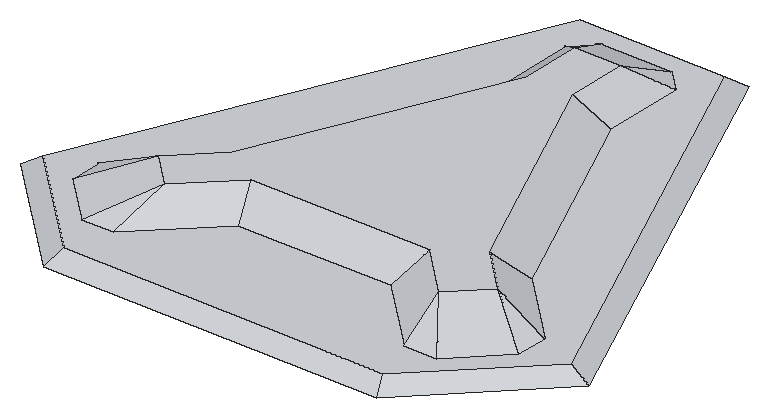
Revit family "M_Microfone", category Dispositivos de comunicação, Revit 2019
Family settings
  Manter orientação da anotação = Sim
  Cota do conector redondo = Utilizar diâmetro
  Tipo de parte = Normal
  Número OmniClass = 23.85.10.11.14.14.11
  Título OmniClass = Microphones
  ID de item do Seek = Microphone-0000-CAN-ENU
  Com base no plano de trabalho = Não
  Sempre na vertical = Sim
  Corte com vazios quando carregada = Não
  Compartilhado = Não
  Ponto de cálculo do ambiente = Não
Parameters (values of type "Padrão")
  Material de microfone = none
Reference planes
  plane 1 "Centro (Frente/Trás)": y = 0
  plane 2: z = 0
  plane 3 "Centro (Esquerda/Direita)": x = 0
  plane 4: x = 222.504
  plane 5: x = -222.504
  plane 6: y = 222.504
  plane 7: y = -222.504
  plane 8: z = 26.924
  plane 9: z = 9.525
Forms (mm)
  Blend 1, solid, material <- "Material de microfone"
    base sketch origin (0, 0, 0) x (1, 0, 0) y (0, 1, 0)
      loop
        line (-222.504, -130.429) -> (-130.429, -222.504) -> (130.429, -222.504) -> (222.504, -130.429) -> (65.107, 222.504) -> (-65.107, 222.504) -> (-222.504, -130.429)
    top sketch origin (0, 0, 0) x (1, 0, 0) y (0, 1, 0)
      loop
        line (-56.865, 209.804) -> (-207.348, -127.625) -> (-125.168, -209.804) -> (125.168, -209.804) -> (207.348, -127.625) -> (56.865, 209.804) -> (-56.865, 209.804)
    from 0 to 9.525
  Blend 2, solid, material <- "Material de microfone"
    base sketch origin (0, 0, 0) x (1, 0, 0) y (0, 1, 0)
      loop
        line (-174.926, -139.005) -> (-139.005, -174.926) -> (-113.605, -174.926) -> (-59.723, -121.044) -> (59.723, -121.044) -> (113.605, -174.926) -> (139.005, -174.926) -> (174.926, -139.005) -> (174.926, -113.605) -> (121.764, -60.443) -> (43.361, 115.362) -> (43.361, 178.622) -> (27.26, 194.723) -> (-27.26, 194.723) -> (-43.361, 178.622) -> (-43.361, 115.362) -> (-121.764, -60.443) -> (-174.926, -113.605) -> (-174.926, -139.005)
    top sketch origin (0, 0, 0) x (1, 0, 0) y (0, 1, 0)
      loop
        line (-17.961, 109.954) -> (-100.48, -75.08) -> (-132.655, -107.255) -> (-107.255, -132.655) -> (-70.244, -95.644) -> (70.244, -95.644) -> (107.255, -132.655) -> (132.655, -107.255) -> (100.48, -75.08) -> (17.961, 109.954) -> (17.961, 156.623) -> (-17.961, 156.623) -> (-17.961, 109.954)
    from 9.525 to 26.924
Lines and regions (mm)
  symbolic lines, detail levels fine
    curve 1: line (-222.504, -130.429, 0) -> (-65.107, 222.504, 0)
    curve 2: line (-56.865, 209.804, 0) -> (-207.348, -127.625, 0)
    curve 3: line (56.865, 209.804, 0) -> (-56.865, 209.804, 0)
    curve 4: line (-65.107, 222.504, 0) -> (65.107, 222.504, 0)
    curve 5: line (65.107, 222.504, 0) -> (222.504, -130.429, 0)
    curve 6: line (207.348, -127.625, 0) -> (56.865, 209.804, 0)
    curve 7: line (65.107, 222.504, 0) -> (56.865, 209.804, 0)
    curve 8: line (-65.107, 222.504, 0) -> (-56.865, 209.804, 0)
    curve 9: line (222.504, -130.429, 0) -> (207.348, -127.625, 0)
    curve 10: line (222.504, -130.429, 0) -> (130.429, -222.504, 0)
    curve 11: line (125.168, -209.804, 0) -> (207.348, -127.625, 0)
    curve 12: line (130.429, -222.504, 0) -> (125.168, -209.804, 0)
    curve 13: line (130.429, -222.504, 0) -> (-130.429, -222.504, 0)
    curve 14: line (-125.168, -209.804, 0) -> (125.168, -209.804, 0)
    curve 15: line (-125.168, -209.804, 0) -> (-130.429, -222.504, 0)
    curve 16: line (-130.429, -222.504, 0) -> (-222.504, -130.429, 0)
    curve 17: line (-207.348, -127.625, 0) -> (-125.168, -209.804, 0)
    curve 18: line (-222.504, -130.429, 0) -> (-207.348, -127.625, 0)
    curve 19: line (-139.005, -174.926, 0) -> (-174.926, -139.005, 0)
    curve 20: line (-113.605, -174.926, 0) -> (-139.005, -174.926, 0)
    curve 21: line (-113.605, -174.926, 0) -> (-107.255, -132.655, 0)
    curve 22: line (-107.255, -132.655, 0) -> (-139.005, -174.926, 0)
    curve 23: line (-174.926, -139.005, 0) -> (-132.655, -107.255, 0)
    curve 24: line (-132.655, -107.255, 0) -> (-107.255, -132.655, 0)
    curve 25: line (-174.926, -113.605, 0) -> (-132.655, -107.255, 0)
    curve 26: line (-174.926, -139.005, 0) -> (-174.926, -113.605, 0)
    curve 27: line (-174.926, -113.605, 0) -> (-121.764, -60.443, 0)
    curve 28: line (-100.48, -75.08, 0) -> (-132.655, -107.255, 0)
    curve 29: line (-107.255, -132.655, 0) -> (-70.244, -95.644, 0)
    curve 30: line (-59.723, -121.044, 0) -> (-113.605, -174.926, 0)
    curve 31: line (59.723, -121.044, 0) -> (-59.723, -121.044, 0)
    curve 32: line (-59.723, -121.044, 0) -> (-70.244, -95.644, 0)
    curve 33: line (-70.244, -95.644, 0) -> (70.244, -95.644, 0)
    curve 34: line (59.723, -121.044, 0) -> (70.244, -95.644, 0)
    curve 35: line (113.605, -174.926, 0) -> (59.723, -121.044, 0)
    curve 36: line (70.244, -95.644, 0) -> (107.255, -132.655, 0)
    curve 37: line (113.605, -174.926, 0) -> (107.255, -132.655, 0)
    curve 38: line (139.005, -174.926, 0) -> (107.255, -132.655, 0)
    curve 39: line (139.005, -174.926, 0) -> (113.605, -174.926, 0)
    curve 40: line (174.926, -139.005, 0) -> (139.005, -174.926, 0)
    curve 41: line (174.926, -139.005, 0) -> (132.655, -107.255, 0)
    curve 42: line (174.926, -113.605, 0) -> (174.926, -139.005, 0)
    curve 43: line (174.926, -113.605, 0) -> (132.655, -107.255, 0)
    curve 44: line (107.255, -132.655, 0) -> (132.655, -107.255, 0)
    curve 45: line (132.655, -107.255, 0) -> (100.48, -75.08, 0)
    curve 46: line (121.764, -60.443, 0) -> (174.926, -113.605, 0)
    curve 47: line (121.764, -60.443, 0) -> (100.48, -75.08, 0)
    curve 48: line (43.361, 115.362, 0) -> (121.764, -60.443, 0)
    curve 49: line (100.48, -75.08, 0) -> (17.961, 109.954, 0)
    curve 50: line (43.361, 115.362, 0) -> (17.961, 109.954, 0)
    curve 51: line (43.361, 178.622, 0) -> (43.361, 115.362, 0)
    curve 52: line (17.961, 109.954, 0) -> (17.961, 156.623, 0)
    curve 53: line (43.361, 178.622, 0) -> (17.961, 156.623, 0)
    curve 54: line (27.26, 194.723, 0) -> (17.961, 156.623, 0)
    curve 55: line (27.26, 194.723, 0) -> (43.361, 178.622, 0)
    curve 56: line (-27.26, 194.723, 0) -> (27.26, 194.723, 0)
    curve 57: line (17.961, 156.623, 0) -> (-17.961, 156.623, 0)
    curve 58: line (-27.26, 194.723, 0) -> (-17.961, 156.623, 0)
    curve 59: line (-43.361, 178.622, 0) -> (-27.26, 194.723, 0)
    curve 60: line (-43.361, 178.622, 0) -> (-17.961, 156.623, 0)
    curve 61: line (-17.961, 156.623, 0) -> (-17.961, 109.954, 0)
    curve 62: line (-43.361, 115.362, 0) -> (-43.361, 178.622, 0)
    curve 63: line (-43.361, 115.362, 0) -> (-17.961, 109.954, 0)
    curve 64: line (-17.961, 109.954, 0) -> (-100.48, -75.08, 0)
    curve 65: line (-121.764, -60.443, 0) -> (-43.361, 115.362, 0)
    curve 66: line (-121.764, -60.443, 0) -> (-100.48, -75.08, 0)
Dimensions and locks
  locked: plane 3 "Centro (Esquerda/Direita)" to plane 4 at 222.504
  locked: plane 5 to plane 3 "Centro (Esquerda/Direita)" at 222.504
  locked: plane 7 to plane 1 "Centro (Frente/Trás)" at 222.504
  locked: plane 1 "Centro (Frente/Trás)" to plane 6 at 222.504
  locked: Blend 1 sketch curve to Blend 1 sketch curve at 130.214  (x3)
  equal spacing: Blend 1 sketch curve, plane 3 "Centro (Esquerda/Direita)", Blend 1 sketch curve
  locked: plane 8 to plane 2 at 26.924
  locked: plane 9 to plane 2 at 9.525
  aligned and locked: plane 7 to Blend 1 sketch curve  (x2)
  aligned and locked: plane 5 to Blend 1 sketch curve
  aligned and locked: plane 4 to Blend 1 sketch curve
  aligned and locked: Blend 1 sketch curve to plane 6
  aligned and locked: Blend 1 sketch curve to plane 7
  aligned and locked: Blend 1 to plane 2
  aligned and locked: plane 9 to Blend 1
  aligned and locked: Blend 2 to plane 9
  aligned and locked: plane 8 to Blend 2
  aligned and locked: curve 1 to Blend 1
  aligned and locked: curve 2 to Blend 1
  aligned and locked: curve 3 to Blend 1
  aligned and locked: curve 4 to Blend 1
  aligned and locked: curve 5 to Blend 1
  aligned and locked: curve 6 to Blend 1
  aligned and locked: curve 7 to Blend 1
  aligned and locked: curve 8 to Blend 1
  aligned and locked: curve 9 to Blend 1
  aligned and locked: curve 10 to Blend 1
  aligned and locked: curve 11 to Blend 1
  aligned and locked: curve 12 to Blend 1
  aligned and locked: curve 13 to Blend 1
  aligned and locked: curve 14 to Blend 1
  aligned and locked: curve 15 to Blend 1
  aligned and locked: curve 16 to Blend 1
  aligned and locked: curve 17 to Blend 1
  aligned and locked: curve 18 to Blend 1
  aligned and locked: curve 19 to Blend 2
  aligned and locked: curve 20 to Blend 2
  aligned and locked: curve 21 to Blend 2
  aligned and locked: curve 22 to Blend 2
  aligned and locked: curve 23 to Blend 2
  aligned and locked: curve 24 to Blend 2
  aligned and locked: curve 25 to Blend 2
  aligned and locked: curve 26 to Blend 2
  aligned and locked: curve 27 to Blend 2
  aligned and locked: curve 28 to Blend 2
  aligned and locked: curve 29 to Blend 2
  aligned and locked: curve 30 to Blend 2
  aligned and locked: curve 31 to Blend 2
  aligned and locked: curve 32 to Blend 2
  aligned and locked: curve 33 to Blend 2
  aligned and locked: curve 34 to Blend 2
  aligned and locked: curve 35 to Blend 2
  aligned and locked: curve 36 to Blend 2
  aligned and locked: curve 37 to Blend 2
  aligned and locked: curve 38 to Blend 2
  aligned and locked: curve 39 to Blend 2
  aligned and locked: curve 40 to Blend 2
  aligned and locked: curve 41 to Blend 2
  aligned and locked: curve 42 to Blend 2
  aligned and locked: curve 43 to Blend 2
  aligned and locked: curve 44 to Blend 2
  aligned and locked: curve 45 to Blend 2
  aligned and locked: curve 46 to Blend 2
  aligned and locked: curve 47 to Blend 2
  aligned and locked: curve 48 to Blend 2
  aligned and locked: curve 49 to Blend 2
  aligned and locked: curve 50 to Blend 2
  aligned and locked: curve 51 to Blend 2
  aligned and locked: curve 52 to Blend 2
  aligned and locked: curve 53 to Blend 2
  aligned and locked: curve 54 to Blend 2
  aligned and locked: curve 55 to Blend 2
  aligned and locked: curve 56 to Blend 2
  aligned and locked: curve 57 to Blend 2
  aligned and locked: curve 58 to Blend 2
  aligned and locked: curve 59 to Blend 2
  aligned and locked: curve 60 to Blend 2
  aligned and locked: curve 61 to Blend 2
  aligned and locked: curve 62 to Blend 2
  aligned and locked: curve 63 to Blend 2
  aligned and locked: curve 64 to Blend 2
  aligned and locked: curve 65 to Blend 2
  aligned and locked: curve 66 to Blend 2
  aligned and locked: plane 1 "Centro (Frente/Trás)" to nested 1
  aligned and locked: plane 3 "Centro (Esquerda/Direita)" to nested 1
Nested families
  nested 1: "M_Anotação de microfone" at (0, 0, 0), type "Anotação de microfone", detail levels coarse+medium
Connectors
  electrical at (0, -43.476, 0)
    settings: on Blend 1, index 1, voltage 0 V, apparent load 0 VA, apparent load phase1 0 VA, apparent load phase2 0 VA, apparent load phase3 0 VA, power factor 1, load classification "Outros", number of poles 1, system type 14, power factor state 1, is connector primary yes, connector utility no, sub classification motor no, connector description ""
Definition of nested family "M_Anotação de microfone"
  Parameters
    Anotação de legenda = "M"
  Reference planes
    plane 1: y = 0
    plane 2: x = 0
  Lines and regions (mm)
    reference lines
      curve 1: line (-6.856, 0, 0) -> (8.926, 0, 0)
      curve 2: line (-9.435, -2.381, 0) -> (9.615, -2.381, 0)
    detail lines
      curve 3: circle (0, 0, 0) r 2.381 normal (0, 0, 1)
  Text (mm)
    label "M" at (-1.266, -0.167, 0), shows "Anotação de legenda"
  Dimensions and locks
    locked: curve 2 to plane 1 at 2.381
    radius of curve 3 = 2.381 mm
    aligned and locked: plane 2 to curve 3
    aligned and locked: curve 1 to curve 3
